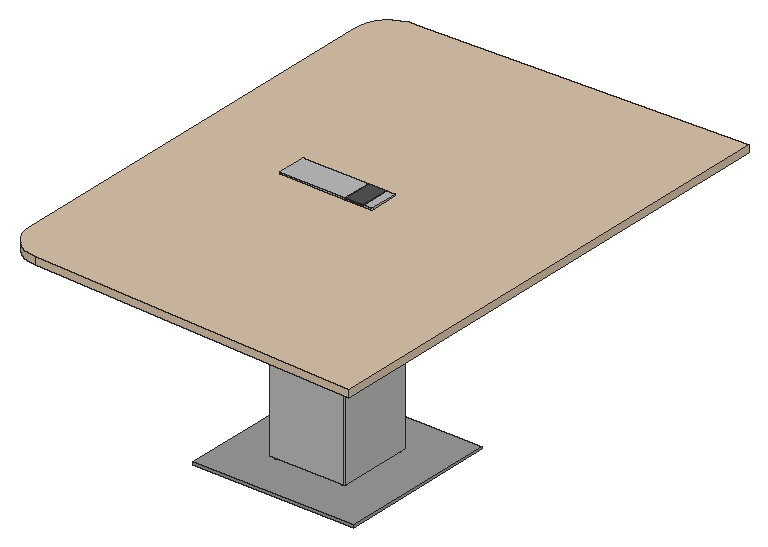
Revit family "Haworth_Planes_ColumnBaseConferenceTable_Key", category Furniture Systems, Revit 2018
Family settings
  Round Connector Dimension = Use Diameter
  Part Type = Normal
  OmniClass Number = 23.40.70.14.64.21
  OmniClass Title = Systems Furniture
  Work Plane-Based = No
  Always vertical = Yes
  Cut with Voids When Loaded = No
  Shared = No
  Room Calculation Point = No
Parameters (values of type "84w 60d")
  Worksurface Finish [instance] = Haworth _ Laminate _ Maple H-AE
  Worksurface Edge Finish [instance] = Haworth _ Laminate _ Maple H-AE
  Wire Manager Length = Actual Depth - Column Base Offset - Wire Management Offset - 4 1/2"  # 26"
  Wire Management Offset = 5"  # constant formula
  Wire Management = yes
  Width = 84"
  Warranty = "https://www.haworth.com/resources/product-info/warranties"
  URL - Product = "https://www.haworth.com/products/tables/conference/planes"
  Trim Finish = Haworth _ Paint _ Smoke
  Sustainability Info = "https://www.haworth.com/company-info/sustainability"
  Support Finish = Haworth _ Paint _ Metallic Champagne
  60" Depth Limits = "Available Widths = 60, 66, 72, 78, 84 in."  # constant formula
  54" Depth Limits = "Available Widths = 54, 60, 66, 72 in."  # constant formula
  42" Depth Limits = "Available Widths = 42, 48, 54, 60 in."  # constant formula
  Standard Heights = "21, 29, 41 in."  # constant formula
  48" Depth Limits = "Available Widths = 48, 54, 60, 66, 72 in."  # constant formula
  Model = "TARY"  # constant formula
  Min. Depth = 42"  # constant formula
  Max. Depth = 60"  # constant formula
  URL = "www.haworth.com"
  Support Height = Actual Height - Table Thickness  # 39 13/16"
  Size = "Verify Final Dim. w/ Haworth"  # constant formula
  Revision Number = "2"  # constant formula
  Min. Width = if(Actual Depth < 48", 42", if(Actual Depth < 54", 48", if(Actual Depth < 60", 54", 60")))  # 60"
  Max. Width = if(Actual Depth < 48", 60", if(Actual Depth < 60", 72", 84"))  # 84"
  Min. Height = 21"  # constant formula
  Max. Height = 41"  # constant formula
  Manufacturer = "Haworth"  # constant formula
  Height = 41"
  Description = "Haworth - Planes - Column Base Conference Table - Key"
  Depth = 60"
  Custom Size = not(and(or(Height = 29", Height = 41"), or(Depth = 36", Depth = 42", Depth = 48", Depth = 54", Depth = 60"), or(Width = 48", Width = 54", Width = 60", Width = 66", Width = 72", Width = 78", Width = 84")))  # no
  Connect Wide Width = not(Connect Narrow Width)  # yes
  Connect Trim Finish = Haworth _ Polymer _ Black
  Connect Switching = yes
  Connect Narrow Width = no
  Connect Medium Depth = no
  Connect Main Finish = Haworth _ Paint _ Metallic Champagne
  Connect Large Depth = not(Connect Medium Depth)  # yes
  Column Base Offset = 24 1/2"  # constant formula
  Column Base = yes
  Base Finish = Haworth _ Metal _ Polished Aluminum
  Author = "Haworth (Hampton, Alias)"  # constant formula
  Assembly Code = "E2020200"
  Actual Width = if(Width > Max. Width, Max. Width, if(Width < Min. Width, Min. Width, Width))  # 84"
  Actual Height = if(Height > Max. Height, Max. Height, if(Height < Min. Height, Min. Height, Height))  # 41"
  Table Thickness = 1 3/16"  # constant formula
  Actual Depth = if(Depth > Max. Depth, Max. Depth, if(Depth < Min. Depth, Min. Depth, Depth))  # 60"
Reference planes (in)
  plane 1 "Center F/B": y = -0.15866
  plane 2 "Floor": z = 0
  plane 3 "Center L/R": x = 0
  plane 4 "Table Edge Front": x = -30
  plane 5 "Table Edge Back": x = 30
  plane 6 "Table Bottom": z = 41
  plane 7 "masking region": z = 39.8125
  plane 8 "Left": y = 41.84134
  plane 9 "Right": y = -42.15866
  plane 10 "Cable Base Distance From Large Depth": x = -5.5
  plane 11 "Wire Management End": x = 25
  plane 12 "Wire Middle": y = -9.90866
Dimensions and locks (in)
  "Actual Depth": plane 4 "Table Edge Front" to plane 5 "Table Edge Back"
  equal spacing: plane 4 "Table Edge Front", plane 3 "Center L/R", plane 5 "Table Edge Back"
  "Actual Height": plane 6 "Table Bottom" to level
  "Table Thickness": plane 6 "Table Bottom" to plane 7 "masking region"
  "Wire Management Offset": plane 11 "Wire Management End" to plane 5 "Table Edge Back"
  "Column Base Offset": plane 4 "Table Edge Front" to plane 10 "Cable Base Distance From Large Depth"
  locked: plane 12 "Wire Middle" to plane 1 "Center F/B" at 9.75
  equal spacing: plane 8 "Left", plane 1 "Center F/B", plane 9 "Right"
  "Actual Width": plane 8 "Left" to plane 9 "Right"
  aligned and locked: plane 1 "Center F/B" to nested 1
  aligned and locked: plane 10 "Cable Base Distance From Large Depth" to nested 1
  aligned and locked: plane 11 "Wire Management End" to nested 2
  aligned and locked: plane 1 "Center F/B" to nested 3
  aligned and locked: nested 3 to plane 10 "Cable Base Distance From Large Depth"
  aligned and locked: plane 7 "masking region" to nested 2
  aligned and locked: plane 12 "Wire Middle" to nested 2
  aligned and locked: nested 1 to plane 2 "Floor"
  aligned and locked: plane 2 "Floor" to nested 4
  aligned and locked: plane 3 "Center L/R" to nested 4
  aligned and locked: nested 4 to plane 1 "Center F/B"
  aligned and locked: nested 3 to plane 6 "Table Bottom"
Nested families (in)
  nested 1: "Haworth_Planes_ColumnBase NEW" at (-5.5, -3.78366, 0), visible <- "Column Base", type "Square"
    with Actual Height 39 13/16"
  nested 2: "Haworth_Accessory-Wire_Manager-Horizontal" at (3.5, -31.14797, 12), visible <- "Wire Management", type "Tray"
    with Length Position 13", Length 26"
  nested 3: "Haworth_Accessory-Workware-Connect_Interface_Module" at (-26.73931, -8.65866, 0) x (0, 1, 0) z (0, 0, 1), type "Wide_Switching_Long"
  nested 4: "Haworth_Worksurface-Key_Part" at (15, -0.15866, 0) x (0, 1, 0) z (0, 0, 1), type "Worksurface"
    with Table Thickness 1 3/16", Cutout Dimension 1", Cutout no, Actual Height 41"
Definition of nested family "Haworth_Planes_ColumnBase NEW"
  Parameters
    Warranty = "www.haworth.com/en-us/Products/Pages/Certifications.aspx"
    URL - Product = "www.haworth.com/en-us/Products/Furniture/Tables/Conference-Ancillary/Pages/Planes.aspx"
    URL = "www.haworth.com"
    Trim Finish = none
    Top Gap = 1 1/2"  # constant formula
    Sustainability Info = "www.haworth.com/en-us/About-Us/Sustainability/Pages/Vision.aspx"
    Support Finish = none
    Size = "Verify Final Dim. w/ Haworth"  # constant formula
    Revision Number = "1"  # constant formula
    Model = "Haworth_Planes_Enhanced-Column_Base_LIMITED"  # constant formula
    Min. Height = 27"  # constant formula
    Max. Height = 36"  # constant formula
    Manufacturer = "Haworth"  # constant formula
    LEED Data = "www.haworth.com/_layouts/Haworth.ProductCatalog/Handlers/GetAsset.ashx/PlanesLEEDContributions.pdf?cid=187&rid=1508&type=Leed"
    Description = "Haworth_Planes_Enhanced-Column_Base_LIMITED"
    Column Frame Width 9 = no
    Column Frame Width 12 = yes
    Cladding Thickness = 1/8"  # constant formula
    Cladding Square = yes
    Cladding Round = no
    Cladding Radius = 8 1/2"  # constant formula
    Base Plate Square = yes
    Base Plate Round = no
    Base Plate Radius = 15"  # constant formula
    Base Height Offset = 3/8"  # constant formula
    Base Finish = none
    Base Depth Offset = 7 1/8"  # constant formula
    Author = "Haworth (Hampton)"  # constant formula
    Assembly Code = "E2020200"
    Actual Width = 12 3/4"  # constant formula
    Actual Height = 27 13/16"
    Actual Depth = 12 3/4"  # constant formula
  Reference planes (in)
    plane 1 "Center F/B": y = 3.625
    plane 2: z = 0
    plane 3 "Center L/R": x = 0
    plane 4 "Left": x = -6.375
    plane 5 "Right": x = 6.375
    plane 6 "Front": y = -2.75
    plane 7 "Top": z = 27.8125
    plane 8 "Back": y = 10
    plane 9: y = 9.25
    plane 10: x = 5.625
    plane 11: x = -5.625
    plane 12: y = -2
    plane 13 "Panel Top": z = 26.3125
    plane 14 "Base Plate Top": z = 0.375
    plane 15 "Panel Bottom": z = 0.75
    plane 16: x = -6.25
    plane 17: x = 6.25
    plane 18: y = 9.875
    plane 19: y = -2.625
    plane 20 "Plate Back": y = 17.125
    plane 21 "Plate Front": y = -9.875
    plane 22 "Plate Left": x = -13.5
    plane 23 "Plate Right": x = 13.5
    plane 24 "Angel 2": through (6.375, 10, 48) normal (0.7071, -0.7071, 0)
    plane 25 "Angel 1": through (-6.375, 10, 48) normal (0.7071, 0.7071, 0)
    plane 26: through (6.375, -2.75, 48) normal (-0.7071, -0.7071, 0)
    plane 27: through (6.375, 10, 48) normal (0.7071, -0.7071, 0)
    plane 28: through (-6.375, -2.75, 48) normal (-0.7071, 0.7071, 0)
    plane 29: through (6.375, -2.75, 48) normal (-0.7071, -0.7071, 0)
    plane 30: through (-6.375, 10, 48) normal (0.7071, 0.7071, 0)
    plane 31: through (-6.375, -2.75, 48) normal (-0.7071, 0.7071, 0)
  Forms (in)
    Extrusion 1, solid, material <- "Trim Finish", visible <- "Cladding Square"
      sketch origin (0, 0, 0) x (1, 0, 0) y (0, 1, 0)
        loop
          line (-6.375, 9.875) -> (-6.375, -2.625) -> (-6.25, -2.625) -> (-6.25, 9.875) -> (-6.375, 9.875)
      from 0.75 to 26.3125
    Extrusion 2, solid, material <- "Trim Finish", visible <- "Cladding Square"
      sketch origin (0, 0, 0) x (1, 0, 0) y (0, 1, 0)
        loop
          line (-6.25, 10) -> (-6.25, 9.875) -> (6.25, 9.875) -> (6.25, 10) -> (-6.25, 10)
      from 0.75 to 26.3125
    Extrusion 3, solid, material <- "Trim Finish", visible <- "Cladding Square"
      sketch origin (0, 0, 0) x (1, 0, 0) y (0, 1, 0)
        loop
          line (6.25, 9.875) -> (6.25, -2.625) -> (6.375, -2.625) -> (6.375, 9.875) -> (6.25, 9.875)
      from 0.75 to 26.3125
    Extrusion 4, solid, material <- "Trim Finish", visible <- "Cladding Square"
      sketch origin (0, 0, 0) x (1, 0, 0) y (0, 1, 0)
        loop
          line (-6.25, -2.625) -> (-6.25, -2.75) -> (6.25, -2.75) -> (6.25, -2.625) -> (-6.25, -2.625)
      from 0.75 to 26.3125
    Extrusion 5, solid, material <- "Support Finish"
      sketch origin (0, 0, 0) x (1, 0, 0) y (0, 1, 0)
        loop
          circle (-5.625, 9.25) r 0.375
        loop
          circle (5.625, 9.25) r 0.375
        loop
          circle (5.625, -2) r 0.375
        loop
          circle (-5.625, -2) r 0.375
      from 0.375 to 27.8125
    Extrusion 6, solid, material <- "Base Finish", visible <- "Base Plate Square"
      sketch origin (0, 0, 0) x (1, 0, 0) y (0, 1, 0)
        loop
          line (-13.5, 17.125) -> (-13.5, -9.875) -> (13.5, -9.875) -> (13.5, 17.125) -> (-13.5, 17.125)
      from 0 to 0.375
    Extrusion 7, solid, material <- "Base Finish", visible <- "Base Plate Round"
      sketch origin (0, 0, 0) x (1, 0, 0) y (0, 1, 0)
        loop
          circle (0, 3.625) r 15
      from 0 to 0.375
    Extrusion 8, solid, material <- "Trim Finish", visible <- "Cladding Round"
      sketch origin (0, 0, 0) x (1, 0, 0) y (0, 1, 0)
        loop
          arc (-6.01041, 9.63541) -> (0, 12.125) -> (6.01041, 9.63541) r 8.5
          line (6.01041, 9.63541) -> (6.01041, 9.81092)
          arc (6.01041, 9.81092) -> (0, 12.25) -> (-6.01041, 9.81092) r 8.625
          line (-6.01041, 9.81092) -> (-6.01041, 9.63541)
      from 0.75 to 26.3125
    Extrusion 9, solid, material <- "Trim Finish", visible <- "Cladding Round"
      sketch origin (-3.625, 3.625, 0) x (0, -1, 0) y (1, 0, 0)
        loop
          arc (-6.01041, 9.63541) -> (0, 12.125) -> (6.01041, 9.63541) r 8.5
          line (6.01041, 9.63541) -> (6.01041, 9.81092)
          arc (6.01041, 9.81092) -> (0, 12.25) -> (-6.01041, 9.81092) r 8.625
          line (-6.01041, 9.81092) -> (-6.01041, 9.63541)
      from 0.75 to 26.3125
    Extrusion 10, solid, material <- "Trim Finish", visible <- "Cladding Round"
      sketch origin (0, 7.25, 0) x (-1, 0, 0) y (0, -1, 0)
        loop
          arc (-6.01041, 9.63541) -> (0, 12.125) -> (6.01041, 9.63541) r 8.5
          line (6.01041, 9.63541) -> (6.01041, 9.81092)
          arc (6.01041, 9.81092) -> (0, 12.25) -> (-6.01041, 9.81092) r 8.625
          line (-6.01041, 9.81092) -> (-6.01041, 9.63541)
      from 0.75 to 26.3125
    Extrusion 11, solid, material <- "Trim Finish", visible <- "Cladding Round"
      sketch origin (3.625, 3.625, 0) x (0, 1, 0) y (-1, 0, 0)
        loop
          arc (-6.01041, 9.63541) -> (0, 12.125) -> (6.01041, 9.63541) r 8.5
          line (6.01041, 9.63541) -> (6.01041, 9.81092)
          arc (6.01041, 9.81092) -> (0, 12.25) -> (-6.01041, 9.81092) r 8.625
          line (-6.01041, 9.81092) -> (-6.01041, 9.63541)
      from 0.75 to 26.3125
  Lines and regions (in)
    symbolic lines, visible <- "Base Plate Square", detail levels medium+fine
      curve 1: line (-13.5, 17.125, 0) -> (13.5, 17.125, 0)
      curve 2: line (13.5, 17.125, 0) -> (13.5, -9.875, 0)
      curve 3: line (13.5, -9.875, 0) -> (-13.5, -9.875, 0)
      curve 4: line (-13.5, -9.875, 0) -> (-13.5, 17.125, 0)
    symbolic lines, visible <- "Cladding Square", detail levels medium+fine
      curve 5: line (-6.375, 10, 0) -> (6.375, 10, 0)
      curve 6: line (6.375, 10, 0) -> (6.375, -2.75, 0)
      curve 7: line (6.375, -2.75, 0) -> (-6.375, -2.75, 0)
      curve 8: line (-6.375, -2.75, 0) -> (-6.375, 10, 0)
    model lines, visible <- "Base Plate Round"
      curve 9: circle (0, 3.625, 0) r 15 normal (0, 0, 1)
    symbolic lines, visible <- "Base Plate Round", detail levels medium+fine
      curve 10: circle (0, 3.625, 0) r 8.5 normal (0, 0, 1)
  Dimensions and locks (in)
    equal spacing: plane 8 "Back", plane 1 "Center F/B", plane 6 "Front"
    "Actual Depth": plane 8 "Back" to plane 6 "Front"
    equal spacing: plane 4 "Left", plane 3 "Center L/R", plane 5 "Right"
    "Actual Width": plane 4 "Left" to plane 5 "Right"
    "Actual Height": plane 7 "Top" to level
    locked: plane 4 "Left" to plane 11 at 0.75
    locked: plane 10 to plane 5 "Right" at 0.75
    locked: plane 8 "Back" to plane 9 at 0.75
    locked: plane 12 to plane 6 "Front" at 0.75
    "Base Height Offset": plane 14 "Base Plate Top" to level
    "Base Height Offset": plane 15 "Panel Bottom" to plane 14 "Base Plate Top"
    "Top Gap": plane 7 "Top" to plane 13 "Panel Top"
    "Base Depth Offset": plane 22 "Plate Left" to plane 4 "Left"
    "Base Depth Offset": plane 5 "Right" to plane 23 "Plate Right"
    "Base Depth Offset": plane 21 "Plate Front" to plane 6 "Front"
    "Base Depth Offset": plane 20 "Plate Back" to plane 8 "Back"
    "Cladding Thickness": plane 8 "Back" to plane 18
    "Cladding Thickness": plane 19 to plane 6 "Front"
    "Cladding Thickness": plane 4 "Left" to plane 16
    "Cladding Thickness": plane 17 to plane 5 "Right"
    "Base Plate Radius": radius of Extrusion 7 sketch curve
    "Base Plate Radius": radius of curve 9
    "Cladding Radius": radius of Extrusion 8 sketch curve
    "Cladding Radius": radius of curve 10
    "Cladding Radius": radius of Extrusion 9 sketch curve
    "Cladding Radius": radius of Extrusion 10 sketch curve
    "Cladding Radius": radius of Extrusion 11 sketch curve
    aligned and locked: Extrusion 1 sketch curve to plane 19
    aligned and locked: plane 4 "Left" to Extrusion 1 sketch curve
    aligned and locked: Extrusion 1 sketch curve to plane 16
    aligned and locked: Extrusion 1 sketch curve to plane 18
    aligned and locked: Extrusion 2 sketch curve to plane 8 "Back"
    aligned and locked: plane 18 to Extrusion 2 sketch curve
    aligned and locked: plane 16 to Extrusion 2 sketch curve
    aligned and locked: plane 17 to Extrusion 2 sketch curve
    aligned and locked: Extrusion 3 sketch curve to plane 19
    aligned and locked: Extrusion 3 sketch curve to plane 18
    aligned and locked: Extrusion 3 sketch curve to plane 17
    aligned and locked: plane 5 "Right" to Extrusion 3 sketch curve
    aligned and locked: plane 16 to Extrusion 4 sketch curve
    aligned and locked: plane 17 to Extrusion 4 sketch curve
    aligned and locked: plane 19 to Extrusion 4 sketch curve
    aligned and locked: plane 6 "Front" to Extrusion 4 sketch curve
    aligned and locked: plane 13 "Panel Top" to Extrusion 4
    aligned and locked: Extrusion 4 to plane 15 "Panel Bottom"
    aligned and locked: plane 13 "Panel Top" to Extrusion 2
    aligned and locked: Extrusion 2 to plane 15 "Panel Bottom"
    aligned and locked: Extrusion 1 to plane 15 "Panel Bottom"
    aligned and locked: plane 13 "Panel Top" to Extrusion 1
    aligned and locked: Extrusion 3 to plane 15 "Panel Bottom"
    aligned and locked: plane 13 "Panel Top" to Extrusion 3
    aligned and locked: Extrusion 5 to plane 14 "Base Plate Top"
    aligned and locked: plane 7 "Top" to Extrusion 5
    aligned and locked: plane 22 "Plate Left" to Extrusion 6 sketch curve
    aligned and locked: Extrusion 6 sketch curve to plane 21 "Plate Front"
    aligned and locked: plane 23 "Plate Right" to Extrusion 6 sketch curve
    aligned and locked: Extrusion 6 sketch curve to plane 20 "Plate Back"
    aligned and locked: Extrusion 6 to plane 2
    aligned and locked: Extrusion 6 to plane 14 "Base Plate Top"
    aligned and locked: curve 1 to plane 20 "Plate Back"
    aligned and locked: plane 22 "Plate Left" to curve 4
    aligned and locked: curve 3 to plane 21 "Plate Front"
    aligned and locked: plane 23 "Plate Right" to curve 2
    aligned and locked: plane 5 "Right" to curve 6
    aligned and locked: curve 5 to plane 8 "Back"
    aligned and locked: plane 4 "Left" to curve 8
    aligned and locked: plane 6 "Front" to curve 7
    aligned and locked: Extrusion 7 to plane 2
    aligned and locked: Extrusion 7 to plane 14 "Base Plate Top"
    aligned and locked: plane 13 "Panel Top" to Extrusion 8
    aligned and locked: Extrusion 8 to plane 15 "Panel Bottom"
    aligned and locked: Extrusion 11 to plane 15 "Panel Bottom"
    aligned and locked: Extrusion 10 to plane 15 "Panel Bottom"
    aligned and locked: Extrusion 9 to plane 15 "Panel Bottom"
    aligned and locked: plane 13 "Panel Top" to Extrusion 11
    aligned and locked: plane 13 "Panel Top" to Extrusion 10
    aligned and locked: plane 13 "Panel Top" to Extrusion 9
  Automatic sketch dimensions
    Extrusion 5 sketch curve to plane 11 = 0"  (x2)
    Extrusion 5 sketch curve to plane 9 = 0"  (x2)
    Extrusion 5 sketch curve to plane 10 = 0"  (x2)
    Extrusion 5 sketch curve to plane 12 = 0"  (x2)
    curve 9 to curve 10 = 0"  (x2)
    plane 1 "Center F/B" to curve 9 = 0"
    curve 9 to plane 3 "Center L/R" = 0"
    plane 1 "Center F/B" to Extrusion 7 sketch curve = 0"
    Extrusion 7 sketch curve to plane 3 "Center L/R" = 0"
    Extrusion 8 sketch curve to Extrusion 8 sketch curve = 0"  (x2)
    plane 25 "Angel 1" to Extrusion 8 sketch curve = 0"
    plane 1 "Center F/B" to Extrusion 8 sketch curve = 0"
    Extrusion 8 sketch curve to plane 3 "Center L/R" = 0"
    plane 24 "Angel 2" to Extrusion 8 sketch curve = 0"
    Extrusion 8 sketch curve to plane 18 = 0.06408"
    Extrusion 9 sketch curve to Extrusion 9 sketch curve = 0"  (x2)
    Extrusion 9 sketch curve to plane 27 = 0"
    plane 1 "Center F/B" to Extrusion 9 sketch curve = 0"
    plane 26 to Extrusion 9 sketch curve = 0"
    Extrusion 9 sketch curve to plane 3 "Center L/R" = 0"
    plane 17 to Extrusion 9 sketch curve = 0.06408"
    Extrusion 10 sketch curve to Extrusion 10 sketch curve = 0"  (x2)
    Extrusion 10 sketch curve to plane 29 = 0"
    plane 1 "Center F/B" to Extrusion 10 sketch curve = 0"
    Extrusion 10 sketch curve to plane 3 "Center L/R" = 0"
    Extrusion 10 sketch curve to plane 28 = 0"
    Extrusion 10 sketch curve to plane 19 = 0.06408"
    Extrusion 11 sketch curve to Extrusion 11 sketch curve = 0"  (x2)
    plane 31 to Extrusion 11 sketch curve = 0"
    plane 1 "Center F/B" to Extrusion 11 sketch curve = 0"
    Extrusion 11 sketch curve to plane 30 = 0"
    Extrusion 11 sketch curve to plane 3 "Center L/R" = 0"
    plane 16 to Extrusion 11 sketch curve = 0.06408"
    radius of Extrusion 5 sketch curve = 3/8"  (x4)
Definition of nested family "Haworth_Accessory-Wire_Manager-Horizontal"
  Parameters
    Length Position = Length / 2  # 24"
    Height = 1 51/64"  # constant formula
    Depth Position = Depth / 2  # 1 247/256"
    Depth = 3 119/128"  # constant formula
    Height Location = 27 13/16"
    Standard Lengths = "48, 72, 96, 120 in."  # constant formula
    Model = "Haworth_Accessory-Wire_Manager-Horizontal"  # constant formula
    Warranty = "www.haworth.com/en-us/Products/Pages/Certifications.aspx"
    URL - Product = "www.haworth.com/en-us/Products/Furniture/Systems/Desking-Systems/Pages/Compose.aspx"
    URL = "www.haworth.com"
    Sustainability Info = "www.haworth.com/en-us/About-Us/Sustainability/Pages/Vision.aspx"
    Wire Manager Finish = none
    Size = "Verify Final Dim. w/ Haworth"  # constant formula
    Revision Number = "1"  # constant formula
    Manufacturer = "Haworth"  # constant formula
    Length = 48"
    Description = "Haworth_Accessory-Wire_Manager-Horizontal"
    Author = "Haworth (Hampton)"  # constant formula
    Assembly Code = "E2020200"
  Reference planes (in)
    plane 1: z = 0
    plane 2 "Center L/R": x = 8.5
    plane 3 "Support Top": z = 27.8125
    plane 4 "Center F/B": y = -21.23931
    plane 5 "Back": y = -19.27447
    plane 6 "Front": y = -23.20415
    plane 7 "Bottom": z = 26.01562
    plane 8 "Left": x = -15.5
    plane 9 "Right": x = 32.5
  Forms (in)
    Extrusion 1, solid, material <- "Wire Manager Finish"
      sketch origin (-15.5, 0, 0) x (0, 1, 0) y (0, 0, 1)
        loop
          line (-22.92631, 26.5805) -> (-23.14431, 26.5805) -> (-23.20415, 26.52066) -> (-23.20415, 26.07454) -> (-23.14524, 26.01562) -> (-19.33011, 26.01562) -> (-19.27447, 26.07127) -> (-19.27447, 27.51108) -> (-19.33388, 27.5705) -> (-19.58231, 27.5705) -> (-20.02001, 27.60163) -> (-20.23088, 27.8125) -> (-21.23931, 27.8125) -> (-21.23931, 27.73438) -> (-20.26324, 27.73438) -> (-20.05464, 27.52577) -> (-19.58509, 27.49237) -> (-19.35259, 27.49237) -> (-19.35259, 26.09375) -> (-23.12603, 26.09375) -> (-23.12603, 26.50237) -> (-22.92631, 26.50237) -> (-22.92631, 26.5805)
      from 0 to 48
  Lines and regions (in)
    symbolic lines
      curve 1: line (-15.5, -19.27447, 0) -> (32.5, -19.27447, 0)
      curve 2: line (-15.5, -23.20415, 0) -> (-15.5, -19.27447, 0)
      curve 3: line (32.5, -23.20415, 0) -> (-15.5, -23.20415, 0)
      curve 4: line (32.5, -19.27447, 0) -> (32.5, -23.20415, 0)
  Dimensions and locks (in)
    "Height Location": plane 3 "Support Top" to level
    "Depth Position": plane 5 "Back" to plane 4 "Center F/B"
    "Depth Position": plane 4 "Center F/B" to plane 6 "Front"
    "Height": plane 3 "Support Top" to plane 7 "Bottom"
    "Length Position": plane 8 "Left" to plane 2 "Center L/R"
    "Length Position": plane 2 "Center L/R" to plane 9 "Right"
    aligned and locked: Extrusion 1 to plane 8 "Left"
    aligned and locked: Extrusion 1 to plane 9 "Right"
    aligned and locked: Extrusion 1 to curve 4
    aligned and locked: curve 4 to Extrusion 1
  Automatic sketch dimensions
    Extrusion 1 sketch curve to plane 6 "Front" = 0"
    Extrusion 1 sketch curve to plane 7 "Bottom" = 0"
    Extrusion 1 sketch curve to plane 4 "Center F/B" = 0"
    Extrusion 1 sketch curve to plane 3 "Support Top" = 0"
    Extrusion 1 sketch curve to plane 5 "Back" = 0"
    plane 6 "Front" to Extrusion 1 sketch curve = 0.05892"
    plane 6 "Front" to Extrusion 1 sketch curve = 0.05984"
    plane 6 "Front" to Extrusion 1 sketch curve = 5/64"
    Extrusion 1 sketch curve to Extrusion 1 sketch curve = 0.19972"
    Extrusion 1 sketch curve to plane 3 "Support Top" = 5/64"
    Extrusion 1 sketch curve to Extrusion 1 sketch curve = 0.97607"
    Extrusion 1 sketch curve to Extrusion 1 sketch curve = 0.03236"
    Extrusion 1 sketch curve to plane 3 "Support Top" = 0.28673"
    Extrusion 1 sketch curve to Extrusion 1 sketch curve = 0.2086"
    Extrusion 1 sketch curve to plane 3 "Support Top" = 0.21087"
    Extrusion 1 sketch curve to Extrusion 1 sketch curve = 0.03463"
    plane 5 "Back" to Extrusion 1 sketch curve = 0.31062"
    Extrusion 1 sketch curve to Extrusion 1 sketch curve = 0.00277"
    plane 5 "Back" to Extrusion 1 sketch curve = 5/64"
    plane 5 "Back" to Extrusion 1 sketch curve = 0.05942"
    plane 5 "Back" to Extrusion 1 sketch curve = 0.05565"
    plane 7 "Bottom" to Extrusion 1 sketch curve = 0.05565"
    plane 7 "Bottom" to Extrusion 1 sketch curve = 0.05892"
    plane 7 "Bottom" to Extrusion 1 sketch curve = 5/64"
    Extrusion 1 sketch curve to Extrusion 1 sketch curve = 0.40862"
    Extrusion 1 sketch curve to Extrusion 1 sketch curve = 0.01828"
    Extrusion 1 sketch curve to Extrusion 1 sketch curve = 5/64"  (x2)
    Extrusion 1 sketch curve to plane 3 "Support Top" = 0.32013"
    Extrusion 1 sketch curve to Extrusion 1 sketch curve = 0.01871"
    curve 3 to plane 8 "Left" = 0"
    plane 5 "Back" to curve 2 = 0"
Definition of nested family "Haworth_Accessory-Workware-Connect_Interface_Module"
  Parameters (values of type "Wide_Switching_Long")
    Wide Width = not(Narrow Width)  # yes
    Switching Control = or(and(Switching, Medium Depth), (and(Switching, Large Depth)))  # yes
    Switching = yes
    Small Depth = not(or(Large Depth, Medium Depth))  # no
    Narrow Width = no
    Medium Depth = no
    Width Position = Width / 2  # 2 1/2"
    Large Depth = yes
    Height = 1/4"  # constant formula
    Front Depth = if(Switching Control, 4 9/16", 1 141/256")  # 4 9/16"
    Depth Position = Depth / 2  # 7 13/16"
    Depth = if(Small Depth, 9 5/8", if(Medium Depth, 12 5/8", 15 5/8"))  # 15 5/8"
    Height Location = 41"
    Model = "Haworth_Accessory-Workware-Connect_Interface_Module"  # constant formula
    Warranty = "www.haworth.com/en-us/Products/Pages/Certifications.aspx"
    URL - Product = "http://promo.haworth.com/?productname=workware"
    URL = "www.haworth.com"
    Sustainability Info = "www.haworth.com/en-us/About-Us/Sustainability/Pages/Vision.aspx"
    Box Trim Finish = none
    Box Body Finish = none
    Size = "Verify Final Dim. w/ Haworth"  # constant formula
    Revision Number = "1"  # constant formula
    Manufacturer = "Haworth"  # constant formula
    Width = if(Wide Width, 5", 3 1/4")  # 5"
    Description = "Haworth_Accessory-Workware-Connect_Interface_Module"
    Author = "Haworth (Hampton)"  # constant formula
    Assembly Code = "E2020200"
  Reference planes (in)
    plane 1 "Bottom": z = 0
    plane 2 "Center L/R": x = 8.5
    plane 3 "Table Top": z = 41
    plane 4 "Center F/B": y = -21.23931
    plane 5 "Back": y = -13.42681
    plane 6 "Front": y = -29.05181
    plane 7 "Left": x = 6
    plane 8 "Right": x = 11
    plane 9 "Top Face": z = 41.1875
    plane 10 "Middle Connect": y = -24.48931
    plane 11: y = -27.55181
    plane 12 "Top Switching": z = 41.21875
  Forms (in)
    Extrusion 1, solid, material <- "Box Trim Finish"
      sketch origin (0, 0, 0) x (1, 0, 0) y (0, 1, 0)
        loop
          line (6, -24.48931) -> (6, -28.80181)
          arc (6, -28.80181) -> (6.07322, -28.97859) -> (6.25, -29.05181) r 0.25
          line (6.25, -29.05181) -> (10.75, -29.05181)
          arc (10.75, -29.05181) -> (10.92678, -28.97859) -> (11, -28.80181) r 0.25
          line (11, -28.80181) -> (11, -24.48931) -> (6, -24.48931)
      from 41 to 41.1875
    Extrusion 2, solid, material <- "Box Trim Finish"
      sketch origin (0, 0, 0) x (1, 0, 0) y (0, 1, 0)
        loop
          arc (6.25, -13.42681) -> (6.07322, -13.50003) -> (6, -13.67681) r 0.25
          line (6, -13.67681) -> (6, -24.48931) -> (11, -24.48931) -> (11, -13.67681)
          arc (11, -13.67681) -> (10.92678, -13.50003) -> (10.75, -13.42681) r 0.25
          line (10.75, -13.42681) -> (6.25, -13.42681)
      from 41 to 41.1875
    Extrusion 3, solid, material <- "Box Body Finish", visible <- "Switching Control"
      sketch origin (0, 0, 0) x (1, 0, 0) y (0, 1, 0)
        loop
          line (6, -24.48931) -> (6, -27.55181) -> (11, -27.55181) -> (11, -24.48931) -> (6, -24.48931)
      from 41.1875 to 41.21875
  Lines and regions (in)
    symbolic lines
      curve 1: line (6, -13.42681, 0) -> (11, -13.42681, 0)
      curve 2: line (6, -29.05181, 0) -> (6, -13.42681, 0)
      curve 3: line (11, -29.05181, 0) -> (6, -29.05181, 0)
      curve 4: line (11, -13.42681, 0) -> (11, -29.05181, 0)
  Dimensions and locks (in)
    plane 3 "Table Top" to level = 41"
    "Depth Position": plane 5 "Back" to plane 4 "Center F/B"
    "Depth Position": plane 4 "Center F/B" to plane 6 "Front"
    "Width Position": plane 7 "Left" to plane 2 "Center L/R"
    "Width Position": plane 2 "Center L/R" to plane 8 "Right"
    "Height Location": plane 3 "Table Top" to plane 1 "Bottom"
    plane 9 "Top Face" to plane 3 "Table Top" = 3/16"
    plane 4 "Center F/B" to Extrusion 2 = 7 13/16"
    "Front Depth": plane 10 "Middle Connect" to plane 6 "Front"
    locked: plane 10 "Middle Connect" to plane 11 at 3.0625
    plane 12 "Top Switching" to plane 9 "Top Face" = 1/32"
    aligned and locked: Extrusion 1 sketch curve to plane 10 "Middle Connect"
    aligned and locked: plane 7 "Left" to Extrusion 1 sketch curve
    aligned and locked: curve 3 to Extrusion 1 sketch curve
    aligned and locked: curve 4 to Extrusion 1 sketch curve
    aligned and locked: plane 9 "Top Face" to Extrusion 1
    aligned and locked: Extrusion 1 to plane 3 "Table Top"
    aligned and locked: curve 2 to Extrusion 2 sketch curve
    aligned and locked: curve 4 to Extrusion 2 sketch curve
    aligned and locked: plane 10 "Middle Connect" to Extrusion 2 sketch curve
    aligned and locked: plane 5 "Back" to Extrusion 2 sketch curve
    aligned and locked: plane 9 "Top Face" to Extrusion 2
    aligned and locked: Extrusion 3 sketch curve to Extrusion 1
    aligned and locked: Extrusion 3 sketch curve to Extrusion 2
    aligned and locked: plane 11 to Extrusion 3 sketch curve
    aligned and locked: plane 8 "Right" to Extrusion 3 sketch curve
    aligned and locked: plane 12 "Top Switching" to Extrusion 3
    aligned and locked: Extrusion 3 to plane 9 "Top Face"
    aligned and locked: Extrusion 2 to plane 3 "Table Top"
  Automatic sketch dimensions
    curve 3 to plane 7 "Left" = 0"
    plane 5 "Back" to curve 2 = 0"
    curve 3 to plane 6 "Front" = 0"
    curve 3 to plane 8 "Right" = 0"
    Extrusion 1 sketch curve to Extrusion 1 sketch curve = 1/4"  (x2)
    plane 5 "Back" to Extrusion 2 sketch curve = 1/4"
    plane 8 "Right" to Extrusion 2 sketch curve = 1/4"
Definition of nested family "Haworth_Worksurface-Key_Part"
  Parameters (values of type "Worksurface")
    Warranty = "https://www.haworth.com/resources/product-info/warranties"
    URL - Product = ""
    URL = "www.haworth.com"
    Table Thickness = 1 1/2"
    Table Finish = none
    Table Edge Finish = none
    Revision Number = ""
    OmniClass Number = ""
    Note = "Verify Final Dim. w/ Haworth"  # constant formula
    Model = "TARY"  # constant formula
    Material Options = ""
    Manufacturer = "Haworth"  # constant formula
    Cutout Width = 8"
    Cutout Dimension = if(Cutout, 3", 1")  # 3"
    Cutout Depth = 4"
    Cutout Centerline = 24 1/2"
    Cutout = yes
    Author = "Haworth (Alias), SHAPE Environments, LLC"  # constant formula
    Assembly Code = ""
    Actual Width = 84"
    Actual Height = 29"
    Actual Depth = 60"
  Reference planes (in)
    plane 1 "Center F/B": y = 15
    plane 2 "Bottom": z = 0
    plane 3 "Center L/R": x = 0
    plane 4 "Table Front": y = 45
    plane 5 "Table Right": x = 42
    plane 6 "Table Left": x = -42
    plane 7 "Table Back": y = -15
    plane 8 "Table Top": z = 29
    plane 9 "Table Bottom": z = 27.5
    plane 10: y = 9.5
    plane 11: z = 27
    plane 12: z = 30
  Forms (in)
    Extrusion 1, solid, material <- "Table Finish"
      sketch origin (0, 0, 0) x (1, 0, 0) y (0, 1, 0)
        loop
          line (42, -15) -> (39.96877, 39.28787)
          arc (39.96877, 39.28787) -> (38.11529, 43.34323) -> (33.97568, 45) r 6
          line (33.97568, 45) -> (-33.97568, 45)
          arc (-33.97568, 45) -> (-38.11529, 43.34323) -> (-39.96877, 39.28787) r 6
          line (-39.96877, 39.28787) -> (-42, -15) -> (42, -15)
      from 27.5 to 29
    Extrusion 2, void
      sketch origin (0, 0, 29) x (-1, 0, 0) y (0, -1, 0)
        loop
          line (2, -13.5) -> (2, -5.5) -> (-2, -5.5) -> (-2, -13.5) -> (2, -13.5)
      from -2 to 1
  Cuts and joins
    Extrusion 2 cuts Extrusion 1
  Lines and regions (in)
    Masking region 1
      outline origin (0, 0, 0) x (1, 0, 0) y (0, 1, 0)
        loop
          line (42, -15) -> (39.96877, 39.28787)
          arc (39.96877, 39.28787) -> (38.11529, 43.34323) -> (33.97568, 45) r 6
          line (33.97568, 45) -> (-33.97568, 45)
          arc (-33.97568, 45) -> (-38.11529, 43.34323) -> (-39.96877, 39.28787) r 6
          line (-39.96877, 39.28787) -> (-42, -15) -> (42, -15)
  Dimensions and locks (in)
    "Actual Depth": plane 7 "Table Back" to plane 4 "Table Front"
    "Actual Width": plane 6 "Table Left" to plane 5 "Table Right"
    equal spacing: plane 6 "Table Left", plane 3 "Center L/R", plane 5 "Table Right"
    equal spacing: plane 4 "Table Front", plane 1 "Center F/B", plane 7 "Table Back"
    "Table Thickness": plane 8 "Table Top" to plane 9 "Table Bottom"
    "Actual Height": plane 8 "Table Top" to level
    "Cutout Centerline": plane 10 to plane 7 "Table Back"
    "Cutout Depth": Extrusion 2 sketch curve to Extrusion 2 sketch curve
    "Cutout Width": Extrusion 2 sketch curve to Extrusion 2 sketch curve
    locked: plane 12 to plane 8 "Table Top" at 1
    "Cutout Dimension": plane 12 to plane 11
    equal spacing: Extrusion 2 sketch curve, plane 10, Extrusion 2 sketch curve
    equal spacing: Extrusion 2 sketch curve, plane 3 "Center L/R", Extrusion 2 sketch curve
    angle cut or joined group of Extrusion 1, Extrusion 2 to cut or joined group of Extrusion 1, Extrusion 2 = 87.8572°  (x2)
    aligned and locked: plane 8 "Table Top" to Extrusion 1
    aligned and locked: Extrusion 1 to plane 9 "Table Bottom"
    aligned and locked: Extrusion 1 sketch curve to plane 7 "Table Back"
    aligned and locked: Extrusion 2 to plane 11
    aligned and locked: plane 12 to Extrusion 2
    aligned and locked: Extrusion 1 sketch curve to plane 4 "Table Front"
    aligned and locked: plane 6 "Table Left" to Extrusion 1 sketch curve
    aligned and locked: plane 5 "Table Right" to Extrusion 1 sketch curve
    aligned and locked: plane 7 "Table Back" to Masking region 1 sketch curve
    aligned and locked: plane 4 "Table Front" to Masking region 1 sketch curve
  Automatic sketch dimensions
    plane 5 "Table Right" to Extrusion 1 sketch curve = 8.02432"
    plane 5 "Table Right" to Extrusion 1 sketch curve = 2 1/32"
    Extrusion 1 sketch curve to Extrusion 1 sketch curve = 6"  (x2)
    plane 6 "Table Left" to Extrusion 1 sketch curve = 2 1/32"
    Extrusion 1 sketch curve to Extrusion 1 sketch curve = 5.99309"
    Masking region 1 sketch curve to plane 6 "Table Left" = 0"
    Masking region 1 sketch curve to plane 5 "Table Right" = 0"
    plane 6 "Table Left" to Masking region 1 sketch curve = 2 1/32"
    plane 6 "Table Left" to Masking region 1 sketch curve = 8.02432"
    plane 5 "Table Right" to Masking region 1 sketch curve = 8.02432"
    plane 5 "Table Right" to Masking region 1 sketch curve = 2 1/32"
    Masking region 1 sketch curve to Masking region 1 sketch curve = 6"  (x2)
